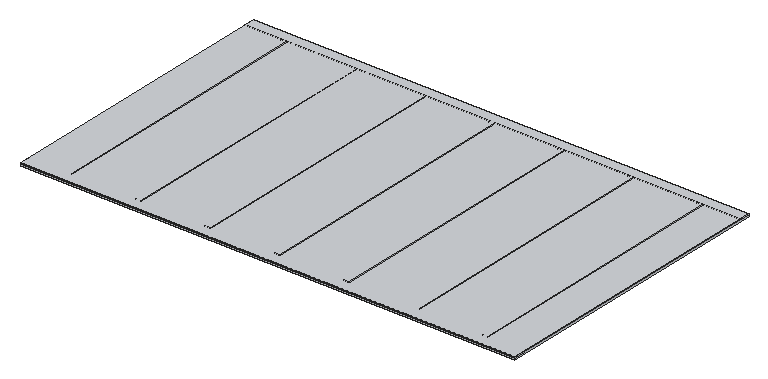
Revit family "GIS_BuildingRoof_GIS", category Modelos genéricos, Revit 2027
Family settings
  Pode hospedar o vergalhão = Não
  Cota do conector redondo = Utilizar diâmetro
  Tipo de parte = Normal
  Com base no plano de trabalho = Não
  Sempre na vertical = Sim
  Corte com vazios quando carregada = Não
  Manter orientação da anotação = Não
  Compartilhado = Não
  Ponto de cálculo do ambiente = Não
Parameters (values of type "ROOF_GIS_31M_EST")
  Elevação padrão = 0 mm
  BIM_TensaoSecundaria_kV = 0
  BIM_TensaoNominal_kV = 0
  BIM_TensaoClasse_kV = 0
  BIM_TensaoClasseSecundaria_kV = 0
  BIM_TensaoAuxiliarCA_kV = 0
  BIM_Sistema_Elemento [instance] = ""
  BIM_ReferenciaCatalogo = "Portfolio estimate; structural design, HVAC and weatherproofing pending"
  BIM_Profundidade = 18600 mm
  BIM_Potencia_MVA = 0
  BIM_Localizacao [instance] = ""
  BIM_Largura = 31600 mm
  BIM_Impedancia_pu = 0
  BIM_FonteGeometria = "Portfolio estimate; structural design, HVAC and weatherproofing pending"
  BIM_Fabricante = "NAO SELECIONADO"
  BIM_EstadoGeometria = "ESTIMATED"
  BIM_EstadoEspecificacao = "PREMISSA / NAO SELECIONADO"
  BIM_DescricaoEstudo = "Cobertura conceitual para GIS; estrutura, cargas, ventilacao e impermeabilizacao pendentes."
  BIM_CorrenteReferenciaSecundaria_A = 0
  BIM_CorrenteNominal_A = 0
  BIM_Bay [instance] = ""
  BIM_AlturaCorpoPrincipal = 180 mm
  BIM_Altura = 180 mm
Reference planes
  plane 1 "Centro (Frente/Trás)": y = 0
  plane 2: z = 0
  plane 3 "Centro (Esquerda/Direita)": x = 0
  plane 4 "BIM Left": x = -15800
  plane 5 "BIM Right": x = 15800
  plane 6 "BIM Front": y = -9300
  plane 7 "BIM Back": y = 9300
Forms (mm)
  Extrusion 1, solid
    sketch origin (0, 0, 0) x (1, 0, 0) y (0, 1, 0)
      loop
        line (-15800, -9300) -> (15800, -9300) -> (15800, 9300) -> (-15800, 9300) -> (-15800, -9300)
    from 0 to 180 <- "BIM_AlturaCorpoPrincipal"
  Extrusion 2, solid
    sketch origin (0, 0, 14.4) x (1, 0, 0) y (0, 1, 0)
      loop
        line (-15800, -9300) -> (15800, -9300) -> (15800, 9300) -> (-15800, 9300) -> (-15800, -9300)
    from 0 to 93.6
  Extrusion 3, solid
    sketch origin (0, 0, 108) x (1, 0, 0) y (0, 1, 0)
      loop
        line (-13439.4, -8556) -> (-13104.6, -8556) -> (-13104.6, 8556) -> (-13439.4, 8556) -> (-13439.4, -8556)
    from 0 to 61.2
  Extrusion 4, solid
    sketch origin (0, 0, 108) x (1, 0, 0) y (0, 1, 0)
      loop
        line (-9015.4, -8556) -> (-8680.6, -8556) -> (-8680.6, 8556) -> (-9015.4, 8556) -> (-9015.4, -8556)
    from 0 to 61.2
  Extrusion 5, solid
    sketch origin (0, 0, 108) x (1, 0, 0) y (0, 1, 0)
      loop
        line (-4591.4, -8556) -> (-4256.6, -8556) -> (-4256.6, 8556) -> (-4591.4, 8556) -> (-4591.4, -8556)
    from 0 to 61.2
  Extrusion 6, solid
    sketch origin (0, 0, 108) x (1, 0, 0) y (0, 1, 0)
      loop
        line (-167.4, -8556) -> (167.4, -8556) -> (167.4, 8556) -> (-167.4, 8556) -> (-167.4, -8556)
    from 0 to 61.2
  Extrusion 7, solid
    sketch origin (0, 0, 108) x (1, 0, 0) y (0, 1, 0)
      loop
        line (4256.6, -8556) -> (4591.4, -8556) -> (4591.4, 8556) -> (4256.6, 8556) -> (4256.6, -8556)
    from 0 to 61.2
  Extrusion 8, solid
    sketch origin (0, 0, 108) x (1, 0, 0) y (0, 1, 0)
      loop
        line (8680.6, -8556) -> (9015.4, -8556) -> (9015.4, 8556) -> (8680.6, 8556) -> (8680.6, -8556)
    from 0 to 61.2
  Extrusion 9, solid
    sketch origin (0, 0, 108) x (1, 0, 0) y (0, 1, 0)
      loop
        line (13104.6, -8556) -> (13439.4, -8556) -> (13439.4, 8556) -> (13104.6, 8556) -> (13104.6, -8556)
    from 0 to 61.2
  Extrusion 10, solid
    sketch origin (0, 0, 108) x (1, 0, 0) y (0, 1, 0)
      loop
        line (-15800, -9300) -> (15800, -9300) -> (15800, -8649) -> (-15800, -8649) -> (-15800, -9300)
    from 0 to 61.2
  Extrusion 11, solid
    sketch origin (0, 0, 108) x (1, 0, 0) y (0, 1, 0)
      loop
        line (-15800, 8649) -> (15800, 8649) -> (15800, 9300) -> (-15800, 9300) -> (-15800, 8649)
    from 0 to 61.2
Dimensions and locks
  "BIM_Largura": plane 4 "BIM Left" to plane 5 "BIM Right"
  "BIM_Profundidade": plane 6 "BIM Front" to plane 7 "BIM Back"
  aligned and locked: level to plane 2
  aligned and locked: plane 4 "BIM Left" to Extrusion 1
  aligned and locked: Extrusion 1 to plane 5 "BIM Right"
  aligned and locked: Extrusion 1 to plane 6 "BIM Front"
  aligned and locked: plane 7 "BIM Back" to Extrusion 1
Automatic sketch dimensions
  Extrusion 1 sketch curve to plane 4 "BIM Left" = 0 mm
  Extrusion 1 sketch curve to plane 5 "BIM Right" = 0 mm
  Extrusion 1 sketch curve to plane 6 "BIM Front" = 0 mm
  Extrusion 1 sketch curve to plane 7 "BIM Back" = 0 mm
  Extrusion 2 sketch curve to plane 4 "BIM Left" = 0 mm
  Extrusion 2 sketch curve to plane 5 "BIM Right" = 0 mm
  Extrusion 2 sketch curve to plane 6 "BIM Front" = 0 mm
  Extrusion 2 sketch curve to plane 7 "BIM Back" = 0 mm
  plane 6 "BIM Front" to Extrusion 3 sketch curve = 744 mm
  Extrusion 3 sketch curve to plane 4 "BIM Left" = 2360.6 mm
  Extrusion 3 sketch curve to Extrusion 3 sketch curve = 334.8 mm
  Extrusion 3 sketch curve to plane 7 "BIM Back" = 744 mm
  plane 6 "BIM Front" to Extrusion 4 sketch curve = 744 mm
  Extrusion 4 sketch curve to plane 4 "BIM Left" = 6784.6 mm
  Extrusion 4 sketch curve to Extrusion 4 sketch curve = 334.8 mm
  Extrusion 4 sketch curve to plane 7 "BIM Back" = 744 mm
  plane 6 "BIM Front" to Extrusion 5 sketch curve = 744 mm
  Extrusion 5 sketch curve to plane 3 "Centro (Esquerda/Direita)" = 4591.4 mm
  Extrusion 5 sketch curve to Extrusion 5 sketch curve = 334.8 mm
  Extrusion 5 sketch curve to plane 7 "BIM Back" = 744 mm
  Extrusion 6 sketch curve to plane 3 "Centro (Esquerda/Direita)" = 167.4 mm
  plane 3 "Centro (Esquerda/Direita)" to Extrusion 6 sketch curve = 167.4 mm
  plane 6 "BIM Front" to Extrusion 6 sketch curve = 744 mm
  Extrusion 6 sketch curve to plane 7 "BIM Back" = 744 mm
  plane 6 "BIM Front" to Extrusion 7 sketch curve = 744 mm
  plane 3 "Centro (Esquerda/Direita)" to Extrusion 7 sketch curve = 4256.6 mm
  Extrusion 7 sketch curve to Extrusion 7 sketch curve = 334.8 mm
  Extrusion 7 sketch curve to plane 7 "BIM Back" = 744 mm
  plane 6 "BIM Front" to Extrusion 8 sketch curve = 744 mm
  plane 5 "BIM Right" to Extrusion 8 sketch curve = 7119.4 mm
  Extrusion 8 sketch curve to Extrusion 8 sketch curve = 334.8 mm
  Extrusion 8 sketch curve to plane 7 "BIM Back" = 744 mm
  plane 6 "BIM Front" to Extrusion 9 sketch curve = 744 mm
  plane 5 "BIM Right" to Extrusion 9 sketch curve = 2695.4 mm
  Extrusion 9 sketch curve to Extrusion 9 sketch curve = 334.8 mm
  Extrusion 9 sketch curve to plane 7 "BIM Back" = 744 mm
  Extrusion 10 sketch curve to plane 4 "BIM Left" = 0 mm
  Extrusion 10 sketch curve to plane 5 "BIM Right" = 0 mm
  Extrusion 10 sketch curve to plane 6 "BIM Front" = 0 mm
  plane 6 "BIM Front" to Extrusion 10 sketch curve = 651 mm
  Extrusion 11 sketch curve to plane 4 "BIM Left" = 0 mm
  Extrusion 11 sketch curve to plane 5 "BIM Right" = 0 mm
  Extrusion 11 sketch curve to plane 7 "BIM Back" = 0 mm
  Extrusion 11 sketch curve to Extrusion 11 sketch curve = 651 mm
